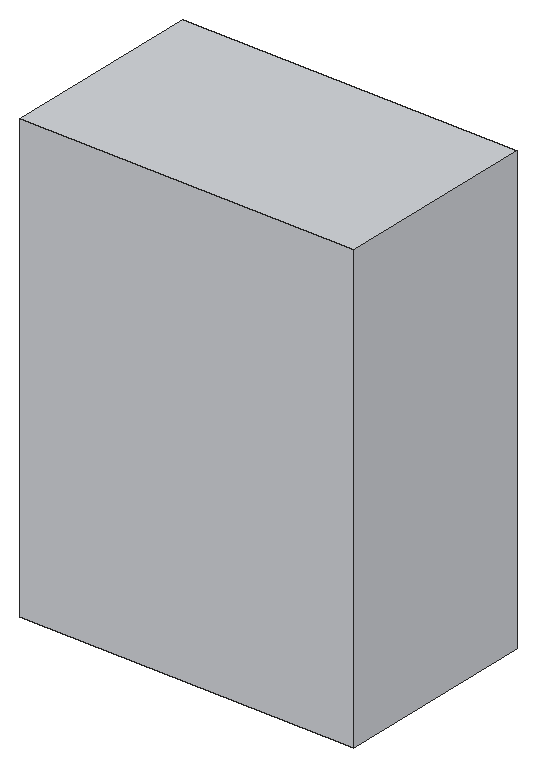
Revit family
Parameters
  hook [instance] = Unit Width / 0' 10"  # 5
  Warranty Duration (Years) = 0
  Unit Width [instance] = 3' - 10"
  Unit Height [instance] = 0' - 0"
  Unit Depth = 0' - 0"
  URL = "http://www.americanspecialties.com/viewCategories.cfm"
  Trim Material = Rubber
  Test Data = ""
  Specification = "http://www.arcat.com/sdspecs/htm/10810asi.htm"
  SpecWizard = ""
  Send Message = "http://www.arcat.com/users.pl?action=UserEmail&company=American%20Specialties,%20Inc.&coid=30448&rep=139&fax=914-476-0688&mf="
  Sales Information = "http://www.americanspecialties.com/contact"
  Revision = "R1_10-2010"
  Product Properties = "http://www.americanspecialties.com/datasheets/8215.pdf"
  Product Data = "http://www.arcat.com/arcatcos/cos30/arc30448.html"
  Model = "As Specified in 10 28 13"
  Manufacturer Website = "http://www.americanspecialties.com/viewCategories.cfm"
  Manufacturer Phone - Toll Free = ""
  Manufacturer Phone = "914-476-9000 "
  Manufacturer Fax = "914-476-0688"
  Manufacturer Address = "441 Saw Mill River Rd., Yonkers, NY 10701"
  Manufacturer = "American Specialties, Inc."
  Maintenance Schedule (Months) = 0
  Keynote = "10 28 13"
  Installation-Fabrication = "http://www.americanspecialties.com/products.cfm"
  Green Building-LEED = ""
  Expected Lifespan (Years) = 0
  Drawn By = "Robert S. Weygant. CSI, CDT, SCIP"  # constant formula
  Description = "Toilet Accessory as Specified in 10 28 13"
  Default Elevation = 4' - 0"
  Copyright = "©Arcat Inc."
  Construction Details = "http://www.arcat.com/green/clients/leed_data_30448.html"
  Building Codes = "http://www.americanspecialties.com/products.cfm"
  Body Material = Metal - Stainless Steel
  Assembly Code = "C1030210"
Reference planes (in)
  plane 1 "Center (Front/Back)": y = -0.29112
  plane 2 "Floor Line": z = 0
  plane 3 "Center (Left/Right)": x = -0.65843
Forms (in)
  Extrusion 1, solid
    sketch origin (-3, -9, -6) x (0, 0, -1) y (1, 0, 0)
      loop
        line (-82, 56.90407) -> (-82, -0.06991) -> (-6, -0.06991) -> (-6, 56.90407) -> (-82, 56.90407)
    from 9 to -25.60721
  Extrusion 2, solid, material "Metal - Stainless Steel" <- "Body Material"
    sketch origin (34.93009, -10.58223, 0) x (0, -1, 0) y (0, 0, 1)
      loop
        line (-8.29112, 0.125) -> (-8.79112, 0.125) -> (-8.79112, 3.5) -> (-11.79112, 3.5) -> (-11.79112, 0.125) -> (-12.29112, 0.125) -> (-12.29112, 0) -> (-11.66612, 0) -> (-11.66612, 3.375) -> (-8.91612, 3.375) -> (-8.91612, 0) -> (-8.29112, 0) -> (-8.29112, 0.125)
    from 35.58852 to -10.41148
  Extrusion 3, solid, material "Metal - Stainless Steel" <- "Body Material"
    sketch origin (0, 0, 0) x (1, 0, 0) y (0, 1, 0)
      loop
        circle (0.34157, 1.45888) r 0.21875
      loop
        circle (0.34157, -2.04112) r 0.21875
      loop
        circle (44.34157, 1.45888) r 0.21875
      loop
        circle (44.34157, -2.04112) r 0.21875
    from 0.25058 to 0
  Extrusion 4, solid, material "Metal - Stainless Steel" <- "Body Material"
    sketch origin (5, 0, 0) x (1, 0, 0) y (0, 1, 0)
      loop
        circle (6.34157, 1.45888) r 0.21875
      loop
        circle (6.34157, -2.04112) r 0.21875
      loop
        circle (28.34157, 1.45888) r 0.21875
      loop
        circle (28.34157, -2.04112) r 0.21875
    from 0.25058 to 0
  Extrusion 5, solid, material "Metal - Stainless Steel" <- "Body Material"
    sketch origin (-10, 0, 0) x (1, 0, 0) y (0, 1, 0)
      loop
        circle (32.34157, 1.45888) r 0.21875
      loop
        circle (32.34157, -2.04112) r 0.21875
    from 0.25058 to 0
  Extrusion 6, solid, material "Metal - Stainless Steel" <- "Body Material"
    sketch origin (-14.31405, -2.48146, -7.11605) x (1, 0, 0) y (0, 0, 1)
      loop
        line (15.15562, 10.61605) -> (18.15562, 10.61605) -> (18.15562, 11.46368) -> (18.03062, 11.46368) -> (18.03062, 10.74105) -> (15.28062, 10.74105) -> (15.28062, 12.51646) -> (15.15562, 12.51646) -> (15.15562, 10.61605)
    from -1.5 to -2.88069
  Extrusion 7, solid, material "Rubber" <- "Trim Material"
    sketch origin (1.375, 0, 0) x (1, 0, 0) y (0, 1, 0)
      loop
        arc (1.71876, -0.00164) -> (1.38167, 0.05154) -> (1.04802, -0.02014) r 0.93233
        arc (1.04802, -0.02014) -> (0.90772, -0.07915) -> (0.79313, -0.17932) r 0.47745
        arc (0.79313, -0.17932) -> (0.82811, -0.32067) -> (0.6876, -0.35889) r 0.10417
        arc (0.6876, -0.35889) -> (0.5665, -0.32788) -> (0.49553, -0.22496) r 0.1783
        line (0.49553, -0.22496) -> (0.30272, -0.22496) -> (0.30272, -0.4268)
        arc (0.30272, -0.4268) -> (1.23821, -1.05205) -> (2.33702, -0.8097) r 1.43411
        arc (2.33702, -0.8097) -> (2.14783, -0.3139) -> (1.71876, -0.00164) r 0.93233
    from 3.70633 to 5.00782
  Extrusion 8, solid, material "Rubber" <- "Trim Material"
    sketch origin (1.5, 0, 0) x (1, 0, 0) y (0, 1, 0)
      loop
        circle (1.63426, -0.62262) r 0.25
    from 5.00782 to 5.1404
  Extrusion 9, solid, material "Metal - Stainless Steel" <- "Body Material"
    sketch origin (1.5, 0, 0) x (1, 0, 0) y (0, 1, 0)
      loop
        circle (0.52944, 0.16479) r 0.08601
      loop
        circle (1.83175, 0.16479) r 0.08601
    from 3.625 to 3.70633
  Extrusion 10, solid, material "Metal - Stainless Steel" <- "Body Material"
    sketch origin (-4.31405, -2.48146, -7.11605) x (1, 0, 0) y (0, 0, 1)
      loop
        line (15.15562, 10.61605) -> (18.15562, 10.61605) -> (18.15562, 11.46368) -> (18.03062, 11.46368) -> (18.03062, 10.74105) -> (15.28062, 10.74105) -> (15.28062, 12.51646) -> (15.15562, 12.51646) -> (15.15562, 10.61605)
    from -1.5 to -2.88069
  Extrusion 11, solid, material "Rubber" <- "Trim Material"
    sketch origin (11.375, 0, 0) x (1, 0, 0) y (0, 1, 0)
      loop
        arc (1.71876, -0.00164) -> (1.38167, 0.05154) -> (1.04802, -0.02014) r 0.93233
        arc (1.04802, -0.02014) -> (0.90772, -0.07915) -> (0.79313, -0.17932) r 0.47745
        arc (0.79313, -0.17932) -> (0.82811, -0.32067) -> (0.6876, -0.35889) r 0.10417
        arc (0.6876, -0.35889) -> (0.5665, -0.32788) -> (0.49553, -0.22496) r 0.1783
        line (0.49553, -0.22496) -> (0.30272, -0.22496) -> (0.30272, -0.4268)
        arc (0.30272, -0.4268) -> (1.23821, -1.05205) -> (2.33702, -0.8097) r 1.43411
        arc (2.33702, -0.8097) -> (2.14783, -0.3139) -> (1.71876, -0.00164) r 0.93233
    from 3.70633 to 5.00782
  Extrusion 12, solid, material "Rubber" <- "Trim Material"
    sketch origin (11.5, 0, 0) x (1, 0, 0) y (0, 1, 0)
      loop
        circle (1.63426, -0.62262) r 0.25
    from 5.00782 to 5.1404
  Extrusion 13, solid, material "Metal - Stainless Steel" <- "Body Material"
    sketch origin (11.5, 0, 0) x (1, 0, 0) y (0, 1, 0)
      loop
        circle (0.52944, 0.16479) r 0.08601
      loop
        circle (1.83175, 0.16479) r 0.08601
    from 3.625 to 3.70633
  Extrusion 14, solid, material "Metal - Stainless Steel" <- "Body Material"
    sketch origin (5.68595, -2.48146, -7.11605) x (1, 0, 0) y (0, 0, 1)
      loop
        line (15.15562, 10.61605) -> (18.15562, 10.61605) -> (18.15562, 11.46368) -> (18.03062, 11.46368) -> (18.03062, 10.74105) -> (15.28062, 10.74105) -> (15.28062, 12.51646) -> (15.15562, 12.51646) -> (15.15562, 10.61605)
    from -1.5 to -2.88069
  Extrusion 15, solid, material "Rubber" <- "Trim Material"
    sketch origin (21.375, 0, 0) x (1, 0, 0) y (0, 1, 0)
      loop
        arc (1.71876, -0.00164) -> (1.38167, 0.05154) -> (1.04802, -0.02014) r 0.93233
        arc (1.04802, -0.02014) -> (0.90772, -0.07915) -> (0.79313, -0.17932) r 0.47745
        arc (0.79313, -0.17932) -> (0.82811, -0.32067) -> (0.6876, -0.35889) r 0.10417
        arc (0.6876, -0.35889) -> (0.5665, -0.32788) -> (0.49553, -0.22496) r 0.1783
        line (0.49553, -0.22496) -> (0.30272, -0.22496) -> (0.30272, -0.4268)
        arc (0.30272, -0.4268) -> (1.23821, -1.05205) -> (2.33702, -0.8097) r 1.43411
        arc (2.33702, -0.8097) -> (2.14783, -0.3139) -> (1.71876, -0.00164) r 0.93233
    from 3.70633 to 5.00782
  Extrusion 16, solid, material "Rubber" <- "Trim Material"
    sketch origin (21.5, 0, 0) x (1, 0, 0) y (0, 1, 0)
      loop
        circle (1.63426, -0.62262) r 0.25
    from 5.00782 to 5.1404
  Extrusion 17, solid, material "Metal - Stainless Steel" <- "Body Material"
    sketch origin (21.5, 0, 0) x (1, 0, 0) y (0, 1, 0)
      loop
        circle (0.52944, 0.16479) r 0.08601
      loop
        circle (1.83175, 0.16479) r 0.08601
    from 3.625 to 3.70633
  Extrusion 18, solid, material "Metal - Stainless Steel" <- "Body Material"
    sketch origin (15.68595, -2.48146, -7.11605) x (1, 0, 0) y (0, 0, 1)
      loop
        line (15.15562, 10.61605) -> (18.15562, 10.61605) -> (18.15562, 11.46368) -> (18.03062, 11.46368) -> (18.03062, 10.74105) -> (15.28062, 10.74105) -> (15.28062, 12.51646) -> (15.15562, 12.51646) -> (15.15562, 10.61605)
    from -1.5 to -2.88069
  Extrusion 19, solid, material "Rubber" <- "Trim Material"
    sketch origin (31.375, 0, 0) x (1, 0, 0) y (0, 1, 0)
      loop
        arc (1.71876, -0.00164) -> (1.38167, 0.05154) -> (1.04802, -0.02014) r 0.93233
        arc (1.04802, -0.02014) -> (0.90772, -0.07915) -> (0.79313, -0.17932) r 0.47745
        arc (0.79313, -0.17932) -> (0.82811, -0.32067) -> (0.6876, -0.35889) r 0.10417
        arc (0.6876, -0.35889) -> (0.5665, -0.32788) -> (0.49553, -0.22496) r 0.1783
        line (0.49553, -0.22496) -> (0.30272, -0.22496) -> (0.30272, -0.4268)
        arc (0.30272, -0.4268) -> (1.23821, -1.05205) -> (2.33702, -0.8097) r 1.43411
        arc (2.33702, -0.8097) -> (2.14783, -0.3139) -> (1.71876, -0.00164) r 0.93233
    from 3.70633 to 5.00782
  Extrusion 20, solid, material "Rubber" <- "Trim Material"
    sketch origin (31.5, 0, 0) x (1, 0, 0) y (0, 1, 0)
      loop
        circle (1.63426, -0.62262) r 0.25
    from 5.00782 to 5.1404
  Extrusion 21, solid, material "Metal - Stainless Steel" <- "Body Material"
    sketch origin (31.5, 0, 0) x (1, 0, 0) y (0, 1, 0)
      loop
        circle (0.52944, 0.16479) r 0.08601
      loop
        circle (1.83175, 0.16479) r 0.08601
    from 3.625 to 3.70633
  Extrusion 22, solid, material "Metal - Stainless Steel" <- "Body Material"
    sketch origin (25.68595, -2.48146, -7.11605) x (1, 0, 0) y (0, 0, 1)
      loop
        line (15.15562, 10.61605) -> (18.15562, 10.61605) -> (18.15562, 11.46368) -> (18.03062, 11.46368) -> (18.03062, 10.74105) -> (15.28062, 10.74105) -> (15.28062, 12.51646) -> (15.15562, 12.51646) -> (15.15562, 10.61605)
    from -1.5 to -2.88069
  Extrusion 23, solid, material "Rubber" <- "Trim Material"
    sketch origin (41.375, 0, 0) x (1, 0, 0) y (0, 1, 0)
      loop
        arc (1.71876, -0.00164) -> (1.38167, 0.05154) -> (1.04802, -0.02014) r 0.93233
        arc (1.04802, -0.02014) -> (0.90772, -0.07915) -> (0.79313, -0.17932) r 0.47745
        arc (0.79313, -0.17932) -> (0.82811, -0.32067) -> (0.6876, -0.35889) r 0.10417
        arc (0.6876, -0.35889) -> (0.5665, -0.32788) -> (0.49553, -0.22496) r 0.1783
        line (0.49553, -0.22496) -> (0.30272, -0.22496) -> (0.30272, -0.4268)
        arc (0.30272, -0.4268) -> (1.23821, -1.05205) -> (2.33702, -0.8097) r 1.43411
        arc (2.33702, -0.8097) -> (2.14783, -0.3139) -> (1.71876, -0.00164) r 0.93233
    from 3.70633 to 5.00782
  Extrusion 24, solid, material "Rubber" <- "Trim Material"
    sketch origin (41.5, 0, 0) x (1, 0, 0) y (0, 1, 0)
      loop
        circle (1.63426, -0.62262) r 0.25
    from 5.00782 to 5.1404
  Extrusion 25, solid, material "Metal - Stainless Steel" <- "Body Material"
    sketch origin (41.5, 0, 0) x (1, 0, 0) y (0, 1, 0)
      loop
        circle (0.52944, 0.16479) r 0.08601
      loop
        circle (1.83175, 0.16479) r 0.08601
    from 3.625 to 3.70633
Dimensions and locks (in)
  locked: Extrusion 2 to Extrusion 3 sketch curve at 1  (x2)
  locked: Extrusion 3 sketch curve to Extrusion 2 at 1  (x2)
  equal spacing: Extrusion 3, Extrusion 4 sketch curve, Extrusion 5
  equal spacing: Extrusion 5, Extrusion 4 sketch curve, Extrusion 3
  equal spacing: Extrusion 3, Extrusion 5 sketch curve, Extrusion 3
  aligned and locked: Extrusion 1 to level
  aligned and locked: Extrusion 3 to level
  aligned and locked: Extrusion 4 to Extrusion 3
  aligned and locked: Extrusion 4 to level
  aligned and locked: Extrusion 5 to Extrusion 3
  aligned and locked: Extrusion 5 to level
  aligned and locked: Extrusion 7 to Extrusion 8
  aligned and locked: Extrusion 11 to Extrusion 12
  aligned and locked: Extrusion 15 to Extrusion 16
  aligned and locked: Extrusion 19 to Extrusion 20
  aligned and locked: Extrusion 23 to Extrusion 24
